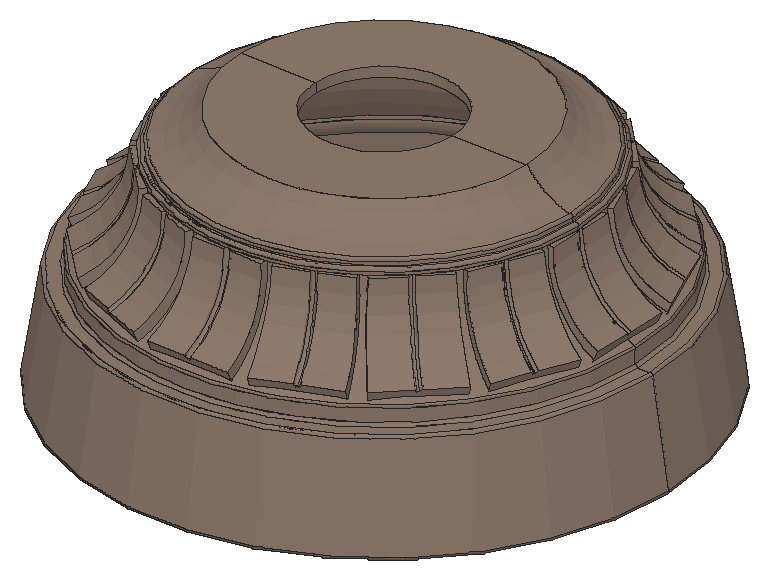
Revit family "CCS9103", category Generic Models, Revit 2014
Parameters
  SHELL = Bronze, Architectural
  DETAIL = Bronze, Architectural
Reference planes (in)
  plane 1 "Center (Front/Back)": y = 0
  plane 2: z = 0
  plane 3 "Center (Left/Right)": x = 0
  plane 4: z = 4.5
  plane 5: z = 2.64327
Forms (in)
  Revolve 1, solid, material "Bronze, Architectural" <- "SHELL"
    sketch origin (0, 0, 0) x (1, 0, 0) y (0, 0, 1)
      loop
        line (1.5, 5.375) -> (1.5, 5.16342) -> (2.81539, 5.16342)
        arc (2.81539, 5.16342) -> (3.27828, 4.6946) -> (3.87639, 4.41834) r 1.84463
        arc (3.87639, 4.41834) -> (4.23221, 3.24121) -> (5.125, 2.39553) r 2.39652
        line (5.125, 2.39553) -> (5.125, 2.3125)
        arc (5.125, 2.3125) -> (5.25131, 2.00498) -> (5.55731, 1.87503) r 0.4375
        line (5.55731, 1.87503) -> (5.86971, 0) -> (6.17622, 0)
        arc (6.17622, 0) -> (6.22267, 0.02068) -> (6.23838, 0.06903) r 0.0625
        line (6.23838, 0.06903) -> (5.8837, 2.19777)
        arc (5.8837, 2.19777) -> (5.86245, 2.23519) -> (5.82205, 2.25) r 0.0625
        line (5.82205, 2.25) -> (5.5625, 2.25)
        arc (5.5625, 2.25) -> (5.51831, 2.26831) -> (5.5, 2.3125) r 0.0625
        line (5.5, 2.3125) -> (5.5, 2.59121)
        arc (5.5, 2.59121) -> (5.49513, 2.62212) -> (5.47207, 2.64327) r 0.04746
        arc (5.47207, 2.64327) -> (4.58293, 3.38859) -> (4.25, 4.5) r 2.02152
        line (4.25, 4.5) -> (4.25, 4.5625)
        arc (4.25, 4.5625) -> (4.23169, 4.60669) -> (4.1875, 4.625) r 0.0625
        line (4.1875, 4.625) -> (4.125, 4.625) -> (4.125, 4.69699)
        arc (4.125, 4.69699) -> (4.11094, 4.73698) -> (4.07439, 4.75846) r 0.0617
        arc (4.07439, 4.75846) -> (3.53795, 4.97165) -> (3.125, 5.375) r 1.46963
        line (3.125, 5.375) -> (1.5, 5.375)
      axis (0, 5.375) -> (0, 0)
    angle from 0 to 360
  SweptBlend 2, solid, material "Bronze, Architectural" <- "DETAIL"
    path origin (-0.19141, 0, 0) x (1, 0, 0) y (0, 0, 1)
      loop
        arc (4.25, 4.5) -> (4.58212, 3.38806) -> (5.47207, 2.64327) r 2.01657
    profile origin (4.05859, 0, 4.5) x (0.999999, 0, -0.001617) y (0, -1, 0)
      loop
        line (0, 0) -> (0, -0.75) -> (0.25, -0.75) -> (0.25, 0.75) -> (0, 0.75) -> (0, 0)
    end profile origin (5.28067, 0, 2.64327) x (0.393983, 0, 0.919118) y (0, -1, 0)
      loop
        line (0, 0) -> (0, -0.875) -> (0.25, -0.875) -> (0.25, 0.875) -> (0, 0.875) -> (0, 0)
  Sweep 3, void
    path origin (0, 0, 0) x (1, 0, 0) y (0, 0, 1)
      loop
        arc (4.30976, 4.5616) -> (4.6102, 3.50982) -> (5.47207, 2.83626) r 1.76752
    profile origin (4.6102, 0, 3.50982) x (0.829358, 0, 0.558717) y (0, -1, 0)
      loop
        circle (0, 0) r 0.0625
  SweptBlend 4, solid, material "Bronze, Architectural" <- "DETAIL"
    path origin (0.19141, 0, 0) x (-1, 0, 0) y (0, 0, 1)
      loop
        arc (4.25, 4.5) -> (4.58212, 3.38806) -> (5.47207, 2.64327) r 2.01657
    profile origin (-4.05859, 0, 4.5) x (-0.999999, 0, -0.001617) y (0, 1, 0)
      loop
        line (0, 0) -> (0, -0.75) -> (0.25, -0.75) -> (0.25, 0.75) -> (0, 0.75) -> (0, 0)
    end profile origin (-5.28067, 0, 2.64327) x (-0.393983, 0, 0.919118) y (0, 1, 0)
      loop
        line (0, 0) -> (0, -0.875) -> (0.25, -0.875) -> (0.25, 0.875) -> (0, 0.875) -> (0, 0)
  Sweep 5, void
    path origin (0, 0, 0) x (-1, 0, 0) y (0, 0, 1)
      loop
        arc (4.30976, 4.5616) -> (4.6102, 3.50982) -> (5.47207, 2.83626) r 1.76752
    profile origin (-4.6102, 0, 3.50982) x (-0.829358, 0, 0.558717) y (0, 1, 0)
      loop
        circle (0, 0) r 0.0625
  SweptBlend 6, solid, material "Bronze, Architectural" <- "DETAIL"
    path origin (-0.17684, -0.07325, 0) x (0.92388, 0.382683, 0) y (0, 0, 1)
      loop
        arc (4.25, 4.5) -> (4.58212, 3.38806) -> (5.47207, 2.64327) r 2.01657
    profile origin (3.74965, 1.55316, 4.5) x (0.923878, 0.382683, -0.001617) y (0.382683, -0.92388, 0)
      loop
        line (0, 0) -> (0, -0.75) -> (0.25, -0.75) -> (0.25, 0.75) -> (0, 0.75) -> (0, 0)
    end profile origin (4.8787, 2.02082, 2.64327) x (0.363993, 0.150771, 0.919118) y (0.382683, -0.92388, 0)
      loop
        line (0, 0) -> (0, -0.875) -> (0.25, -0.875) -> (0.25, 0.875) -> (0, 0.875) -> (0, 0)
  Sweep 7, void
    path origin (0, 0, 0) x (0.92388, 0.382683, 0) y (0, 0, 1)
      loop
        arc (4.30976, 4.5616) -> (4.6102, 3.50982) -> (5.47207, 2.83626) r 1.76752
    profile origin (4.25927, 1.76425, 3.50982) x (0.766227, 0.317382, 0.558717) y (0.382683, -0.92388, 0)
      loop
        circle (0, 0) r 0.0625
  SweptBlend 8, solid, material "Bronze, Architectural" <- "DETAIL"
    path origin (0.17684, 0.07325, 0) x (-0.92388, -0.382683, 0) y (0, 0, 1)
      loop
        arc (4.25, 4.5) -> (4.58212, 3.38806) -> (5.47207, 2.64327) r 2.01657
    profile origin (-3.74965, -1.55316, 4.5) x (-0.923878, -0.382683, -0.001617) y (-0.382683, 0.92388, 0)
      loop
        line (0, 0) -> (0, -0.75) -> (0.25, -0.75) -> (0.25, 0.75) -> (0, 0.75) -> (0, 0)
    end profile origin (-4.8787, -2.02082, 2.64327) x (-0.363993, -0.150771, 0.919118) y (-0.382683, 0.92388, 0)
      loop
        line (0, 0) -> (0, -0.875) -> (0.25, -0.875) -> (0.25, 0.875) -> (0, 0.875) -> (0, 0)
  Sweep 9, void
    path origin (0, 0, 0) x (-0.92388, -0.382683, 0) y (0, 0, 1)
      loop
        arc (4.30976, 4.5616) -> (4.6102, 3.50982) -> (5.47207, 2.83626) r 1.76752
    profile origin (-4.25927, -1.76425, 3.50982) x (-0.766227, -0.317382, 0.558717) y (-0.382683, 0.92388, 0)
      loop
        circle (0, 0) r 0.0625
  SweptBlend 10, solid, material "Bronze, Architectural" <- "DETAIL"
    path origin (-0.13534, -0.13534, 0) x (0.707107, 0.707107, 0) y (0, 0, 1)
      loop
        arc (4.25, 4.5) -> (4.58212, 3.38806) -> (5.47207, 2.64327) r 2.01657
    profile origin (2.86986, 2.86986, 4.5) x (0.707106, 0.707106, -0.001617) y (0.707107, -0.707107, 0)
      loop
        line (0, 0) -> (0, -0.75) -> (0.25, -0.75) -> (0.25, 0.75) -> (0, 0.75) -> (0, 0)
    end profile origin (3.734, 3.734, 2.64327) x (0.278588, 0.278588, 0.919118) y (0.707107, -0.707107, 0)
      loop
        line (0, 0) -> (0, -0.875) -> (0.25, -0.875) -> (0.25, 0.875) -> (0, 0.875) -> (0, 0)
  Sweep 11, void
    path origin (0, 0, 0) x (0.707107, 0.707107, 0) y (0, 0, 1)
      loop
        arc (4.30976, 4.5616) -> (4.6102, 3.50982) -> (5.47207, 2.83626) r 1.76752
    profile origin (3.2599, 3.2599, 3.50982) x (0.586445, 0.586445, 0.558717) y (0.707107, -0.707107, 0)
      loop
        circle (0, 0) r 0.0625
  SweptBlend 12, solid, material "Bronze, Architectural" <- "DETAIL"
    path origin (0.13534, 0.13534, 0) x (-0.707107, -0.707107, 0) y (0, 0, 1)
      loop
        arc (4.25, 4.5) -> (4.58212, 3.38806) -> (5.47207, 2.64327) r 2.01657
    profile origin (-2.86986, -2.86986, 4.5) x (-0.707106, -0.707106, -0.001617) y (-0.707107, 0.707107, 0)
      loop
        line (0, 0) -> (0, -0.75) -> (0.25, -0.75) -> (0.25, 0.75) -> (0, 0.75) -> (0, 0)
    end profile origin (-3.734, -3.734, 2.64327) x (-0.278588, -0.278588, 0.919118) y (-0.707107, 0.707107, 0)
      loop
        line (0, 0) -> (0, -0.875) -> (0.25, -0.875) -> (0.25, 0.875) -> (0, 0.875) -> (0, 0)
  Sweep 13, void
    path origin (0, 0, 0) x (-0.707107, -0.707107, 0) y (0, 0, 1)
      loop
        arc (4.30976, 4.5616) -> (4.6102, 3.50982) -> (5.47207, 2.83626) r 1.76752
    profile origin (-3.2599, -3.2599, 3.50982) x (-0.586445, -0.586445, 0.558717) y (-0.707107, 0.707107, 0)
      loop
        circle (0, 0) r 0.0625
  SweptBlend 14, solid, material "Bronze, Architectural" <- "DETAIL"
    path origin (-0.07325, -0.17684, 0) x (0.382683, 0.92388, 0) y (0, 0, 1)
      loop
        arc (4.25, 4.5) -> (4.58212, 3.38806) -> (5.47207, 2.64327) r 2.01657
    profile origin (1.55316, 3.74965, 4.5) x (0.382683, 0.923878, -0.001617) y (0.92388, -0.382683, 0)
      loop
        line (0, 0) -> (0, -0.75) -> (0.25, -0.75) -> (0.25, 0.75) -> (0, 0.75) -> (0, 0)
    end profile origin (2.02082, 4.8787, 2.64327) x (0.150771, 0.363993, 0.919118) y (0.92388, -0.382683, 0)
      loop
        line (0, 0) -> (0, -0.875) -> (0.25, -0.875) -> (0.25, 0.875) -> (0, 0.875) -> (0, 0)
  Sweep 15, void
    path origin (0, 0, 0) x (0.382683, 0.92388, 0) y (0, 0, 1)
      loop
        arc (4.30976, 4.5616) -> (4.6102, 3.50982) -> (5.47207, 2.83626) r 1.76752
    profile origin (1.76425, 4.25927, 3.50982) x (0.317382, 0.766227, 0.558717) y (0.92388, -0.382683, 0)
      loop
        circle (0, 0) r 0.0625
  SweptBlend 16, solid, material "Bronze, Architectural" <- "DETAIL"
    path origin (0.07325, 0.17684, 0) x (-0.382683, -0.92388, 0) y (0, 0, 1)
      loop
        arc (4.25, 4.5) -> (4.58212, 3.38806) -> (5.47207, 2.64327) r 2.01657
    profile origin (-1.55316, -3.74965, 4.5) x (-0.382683, -0.923878, -0.001617) y (-0.92388, 0.382683, 0)
      loop
        line (0, 0) -> (0, -0.75) -> (0.25, -0.75) -> (0.25, 0.75) -> (0, 0.75) -> (0, 0)
    end profile origin (-2.02082, -4.8787, 2.64327) x (-0.150771, -0.363993, 0.919118) y (-0.92388, 0.382683, 0)
      loop
        line (0, 0) -> (0, -0.875) -> (0.25, -0.875) -> (0.25, 0.875) -> (0, 0.875) -> (0, 0)
  Sweep 17, void
    path origin (0, 0, 0) x (-0.382683, -0.92388, 0) y (0, 0, 1)
      loop
        arc (4.30976, 4.5616) -> (4.6102, 3.50982) -> (5.47207, 2.83626) r 1.76752
    profile origin (-1.76425, -4.25927, 3.50982) x (-0.317382, -0.766227, 0.558717) y (-0.92388, 0.382683, 0)
      loop
        circle (0, 0) r 0.0625
  SweptBlend 18, solid, material "Bronze, Architectural" <- "DETAIL"
    path origin (0, -0.19141, 0) x (0, 1, 0) y (0, 0, 1)
      loop
        arc (4.25, 4.5) -> (4.58212, 3.38806) -> (5.47207, 2.64327) r 2.01657
    profile origin (0, 4.05859, 4.5) x (0, 0.999999, -0.001617) y (1, 0, 0)
      loop
        line (0, 0) -> (0, -0.75) -> (0.25, -0.75) -> (0.25, 0.75) -> (0, 0.75) -> (0, 0)
    end profile origin (0, 5.28067, 2.64327) x (0, 0.393983, 0.919118) y (1, 0, 0)
      loop
        line (0, 0) -> (0, -0.875) -> (0.25, -0.875) -> (0.25, 0.875) -> (0, 0.875) -> (0, 0)
  Sweep 19, void
    path origin (0, 0, 0) x (0, 1, 0) y (0, 0, 1)
      loop
        arc (4.30976, 4.5616) -> (4.6102, 3.50982) -> (5.47207, 2.83626) r 1.76752
    profile origin (0, 4.6102, 3.50982) x (0, 0.829358, 0.558717) y (1, 0, 0)
      loop
        circle (0, 0) r 0.0625
  SweptBlend 20, solid, material "Bronze, Architectural" <- "DETAIL"
    path origin (0, 0.19141, 0) x (0, -1, 0) y (0, 0, 1)
      loop
        arc (4.25, 4.5) -> (4.58212, 3.38806) -> (5.47207, 2.64327) r 2.01657
    profile origin (0, -4.05859, 4.5) x (0, -0.999999, -0.001617) y (-1, 0, 0)
      loop
        line (0, 0) -> (0, -0.75) -> (0.25, -0.75) -> (0.25, 0.75) -> (0, 0.75) -> (0, 0)
    end profile origin (0, -5.28067, 2.64327) x (0, -0.393983, 0.919118) y (-1, 0, 0)
      loop
        line (0, 0) -> (0, -0.875) -> (0.25, -0.875) -> (0.25, 0.875) -> (0, 0.875) -> (0, 0)
  Sweep 21, void
    path origin (0, 0, 0) x (0, -1, 0) y (0, 0, 1)
      loop
        arc (4.30976, 4.5616) -> (4.6102, 3.50982) -> (5.47207, 2.83626) r 1.76752
    profile origin (0, -4.6102, 3.50982) x (0, -0.829358, 0.558717) y (-1, 0, 0)
      loop
        circle (0, 0) r 0.0625
  SweptBlend 22, solid, material "Bronze, Architectural" <- "DETAIL"
    path origin (0.07325, -0.17684, 0) x (-0.382683, 0.92388, 0) y (0, 0, 1)
      loop
        arc (4.25, 4.5) -> (4.58212, 3.38806) -> (5.47207, 2.64327) r 2.01657
    profile origin (-1.55316, 3.74965, 4.5) x (-0.382683, 0.923878, -0.001617) y (0.92388, 0.382683, 0)
      loop
        line (0, 0) -> (0, -0.75) -> (0.25, -0.75) -> (0.25, 0.75) -> (0, 0.75) -> (0, 0)
    end profile origin (-2.02082, 4.8787, 2.64327) x (-0.150771, 0.363993, 0.919118) y (0.92388, 0.382683, 0)
      loop
        line (0, 0) -> (0, -0.875) -> (0.25, -0.875) -> (0.25, 0.875) -> (0, 0.875) -> (0, 0)
  Sweep 23, void
    path origin (0, 0, 0) x (-0.382683, 0.92388, 0) y (0, 0, 1)
      loop
        arc (4.30976, 4.5616) -> (4.6102, 3.50982) -> (5.47207, 2.83626) r 1.76752
    profile origin (-1.76425, 4.25927, 3.50982) x (-0.317382, 0.766227, 0.558717) y (0.92388, 0.382683, 0)
      loop
        circle (0, 0) r 0.0625
  SweptBlend 24, solid, material "Bronze, Architectural" <- "DETAIL"
    path origin (-0.07325, 0.17684, 0) x (0.382683, -0.92388, 0) y (0, 0, 1)
      loop
        arc (4.25, 4.5) -> (4.58212, 3.38806) -> (5.47207, 2.64327) r 2.01657
    profile origin (1.55316, -3.74965, 4.5) x (0.382683, -0.923878, -0.001617) y (-0.92388, -0.382683, 0)
      loop
        line (0, 0) -> (0, -0.75) -> (0.25, -0.75) -> (0.25, 0.75) -> (0, 0.75) -> (0, 0)
    end profile origin (2.02082, -4.8787, 2.64327) x (0.150771, -0.363993, 0.919118) y (-0.92388, -0.382683, 0)
      loop
        line (0, 0) -> (0, -0.875) -> (0.25, -0.875) -> (0.25, 0.875) -> (0, 0.875) -> (0, 0)
  Sweep 25, void
    path origin (0, 0, 0) x (0.382683, -0.92388, 0) y (0, 0, 1)
      loop
        arc (4.30976, 4.5616) -> (4.6102, 3.50982) -> (5.47207, 2.83626) r 1.76752
    profile origin (1.76425, -4.25927, 3.50982) x (0.317382, -0.766227, 0.558717) y (-0.92388, -0.382683, 0)
      loop
        circle (0, 0) r 0.0625
  SweptBlend 26, solid, material "Bronze, Architectural" <- "DETAIL"
    path origin (0.13534, -0.13534, 0) x (-0.707107, 0.707107, 0) y (0, 0, 1)
      loop
        arc (4.25, 4.5) -> (4.58212, 3.38806) -> (5.47207, 2.64327) r 2.01657
    profile origin (-2.86986, 2.86986, 4.5) x (-0.707106, 0.707106, -0.001617) y (0.707107, 0.707107, 0)
      loop
        line (0, 0) -> (0, -0.75) -> (0.25, -0.75) -> (0.25, 0.75) -> (0, 0.75) -> (0, 0)
    end profile origin (-3.734, 3.734, 2.64327) x (-0.278588, 0.278588, 0.919118) y (0.707107, 0.707107, 0)
      loop
        line (0, 0) -> (0, -0.875) -> (0.25, -0.875) -> (0.25, 0.875) -> (0, 0.875) -> (0, 0)
  Sweep 27, void
    path origin (0, 0, 0) x (-0.707107, 0.707107, 0) y (0, 0, 1)
      loop
        arc (4.30976, 4.5616) -> (4.6102, 3.50982) -> (5.47207, 2.83626) r 1.76752
    profile origin (-3.2599, 3.2599, 3.50982) x (-0.586445, 0.586445, 0.558717) y (0.707107, 0.707107, 0)
      loop
        circle (0, 0) r 0.0625
  SweptBlend 28, solid, material "Bronze, Architectural" <- "DETAIL"
    path origin (-0.13534, 0.13534, 0) x (0.707107, -0.707107, 0) y (0, 0, 1)
      loop
        arc (4.25, 4.5) -> (4.58212, 3.38806) -> (5.47207, 2.64327) r 2.01657
    profile origin (2.86986, -2.86986, 4.5) x (0.707106, -0.707106, -0.001617) y (-0.707107, -0.707107, 0)
      loop
        line (0, 0) -> (0, -0.75) -> (0.25, -0.75) -> (0.25, 0.75) -> (0, 0.75) -> (0, 0)
    end profile origin (3.734, -3.734, 2.64327) x (0.278588, -0.278588, 0.919118) y (-0.707107, -0.707107, 0)
      loop
        line (0, 0) -> (0, -0.875) -> (0.25, -0.875) -> (0.25, 0.875) -> (0, 0.875) -> (0, 0)
  Sweep 29, void
    path origin (0, 0, 0) x (0.707107, -0.707107, 0) y (0, 0, 1)
      loop
        arc (4.30976, 4.5616) -> (4.6102, 3.50982) -> (5.47207, 2.83626) r 1.76752
    profile origin (3.2599, -3.2599, 3.50982) x (0.586445, -0.586445, 0.558717) y (-0.707107, -0.707107, 0)
      loop
        circle (0, 0) r 0.0625
  SweptBlend 30, solid, material "Bronze, Architectural" <- "DETAIL"
    path origin (0.17684, -0.07325, 0) x (-0.92388, 0.382683, 0) y (0, 0, 1)
      loop
        arc (4.25, 4.5) -> (4.58212, 3.38806) -> (5.47207, 2.64327) r 2.01657
    profile origin (-3.74965, 1.55316, 4.5) x (-0.923878, 0.382683, -0.001617) y (0.382683, 0.92388, 0)
      loop
        line (0, 0) -> (0, -0.75) -> (0.25, -0.75) -> (0.25, 0.75) -> (0, 0.75) -> (0, 0)
    end profile origin (-4.8787, 2.02082, 2.64327) x (-0.363993, 0.150771, 0.919118) y (0.382683, 0.92388, 0)
      loop
        line (0, 0) -> (0, -0.875) -> (0.25, -0.875) -> (0.25, 0.875) -> (0, 0.875) -> (0, 0)
  Sweep 31, void
    path origin (0, 0, 0) x (-0.92388, 0.382683, 0) y (0, 0, 1)
      loop
        arc (4.30976, 4.5616) -> (4.6102, 3.50982) -> (5.47207, 2.83626) r 1.76752
    profile origin (-4.25927, 1.76425, 3.50982) x (-0.766227, 0.317382, 0.558717) y (0.382683, 0.92388, 0)
      loop
        circle (0, 0) r 0.0625
  SweptBlend 32, solid, material "Bronze, Architectural" <- "DETAIL"
    path origin (-0.17684, 0.07325, 0) x (0.92388, -0.382683, 0) y (0, 0, 1)
      loop
        arc (4.25, 4.5) -> (4.58212, 3.38806) -> (5.47207, 2.64327) r 2.01657
    profile origin (3.74965, -1.55316, 4.5) x (0.923878, -0.382683, -0.001617) y (-0.382683, -0.92388, 0)
      loop
        line (0, 0) -> (0, -0.75) -> (0.25, -0.75) -> (0.25, 0.75) -> (0, 0.75) -> (0, 0)
    end profile origin (4.8787, -2.02082, 2.64327) x (0.363993, -0.150771, 0.919118) y (-0.382683, -0.92388, 0)
      loop
        line (0, 0) -> (0, -0.875) -> (0.25, -0.875) -> (0.25, 0.875) -> (0, 0.875) -> (0, 0)
  Sweep 33, void
    path origin (0, 0, 0) x (0.92388, -0.382683, 0) y (0, 0, 1)
      loop
        arc (4.30976, 4.5616) -> (4.6102, 3.50982) -> (5.47207, 2.83626) r 1.76752
    profile origin (4.25927, -1.76425, 3.50982) x (0.766227, -0.317382, 0.558717) y (-0.382683, -0.92388, 0)
      loop
        circle (0, 0) r 0.0625
Cuts and joins
  Sweep 3, Sweep 5, Sweep 7 cuts SweptBlend 2
  Sweep 5, Sweep 9 cuts SweptBlend 4
  Sweep 7, Sweep 11 cuts SweptBlend 6
  Sweep 9, Sweep 13 cuts SweptBlend 8
  Sweep 11, Sweep 15 cuts SweptBlend 10
  Sweep 13, Sweep 17 cuts SweptBlend 12
  Sweep 15, Sweep 19 cuts SweptBlend 14
  Sweep 17, Sweep 21 cuts SweptBlend 16
  Sweep 19, Sweep 23 cuts SweptBlend 18
  Sweep 21, Sweep 25 cuts SweptBlend 20
  Sweep 23, Sweep 27 cuts SweptBlend 22
  Sweep 25, Sweep 29 cuts SweptBlend 24
  Sweep 27, Sweep 31 cuts SweptBlend 26
  Sweep 29, Sweep 33 cuts SweptBlend 28
  Sweep 31 cuts SweptBlend 30
  Sweep 33 cuts SweptBlend 32
Dimensions and locks (in)
  aligned and locked: plane 2 to level
